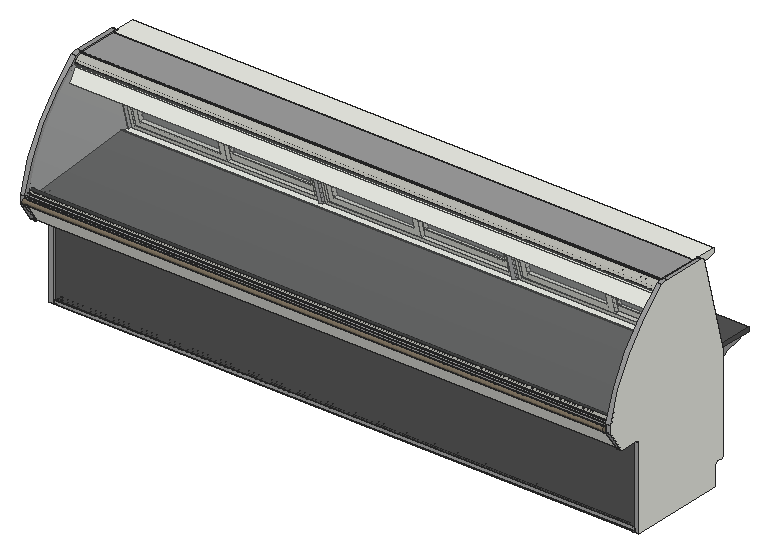
Revit family "CR1-MN_2014", category Specialty Equipment, Revit 2014
Parameters (values of type "12'-0" Length")
  Width = 144"
  Waste Drain = 1 1/2"  # constant formula
  URL = "www.hussmann.com"
  Type Comments = "Chino"  # constant formula
  Trim = Stainless Steel
  Total Weight = Case Weight + (2 * End Weight)  # 0.00 lbf
  Splashguard = Textured Sheet Metal (Steel Painted) - 701 Black
  Side Panel - Right [instance] = yes
  Side Panel - Left [instance] = yes
  Shelves = Sheet Metal (Steel Painted) - 701 Black
  Revit Family Date = "04/20/2016"  # constant formula
  Refrigeration Lines Suction = 5/8"  # constant formula
  Refrigeration Lines Liquid = 3/8"  # constant formula
  Refrig. Suction = "Suction"
  Refrig. Liquid = "Liquid"
  Number of Supports = if(Width < 50", 2, if(Width < 100", 3, 4))  # 4
  Note from Manufacturer = "This model only comes in 4'-0\", 5'-0\", 6'-0\", 8'-0\", 10'-0\" and 12'-0\" lengths."
  Model URL = "http://www.hussmann.com/en/product%20viewer/display-cases/R1-MN,%20CR1-MN,%20R1-FN,%20CR1-FN"
  Model = "CR1-MN"  # constant formula
  Manufacturer Disclaimer = "The information in this file is not intended to be an exact representation of the corresponding Hussmann product.  Further, we reserve the right to change or revise specifications and product design in connection with any feature of our products. Such changes do not entitle the buyer to corresponding changes, improvements, additions, or replacements for equipment previously sold or shipped."  # constant formula
  Manufacturer = "Hussmann Corporation"  # constant formula
  Height = 52 1/4"  # constant formula
  Glazing = Glass
  Ends = Textured Sheet Metal (Steel Painted) - 149 White Satin Matte
  End Weight = 0.00 lbf  # constant formula
  Door Frame = Plastic - 144 Mist Gray
  Description = "Narrow Footprint Service Merchandiser for Fresh Meat - Curved Glass"  # constant formula
  Depth = 35 1/4"  # constant formula
  Cutsheet URL = "http://www.hussmann.com/en/Technical%20Documents/R1-MN,%20R1-FN_ds_En.pdf"
  Close Off Panel = Textured Sheet Metal (Steel Painted) - 701 Black
  Case Weight = if(Width = 48", 0.00 lbf, if(Width = 60", 0.00 lbf, if(Width = 72", 0.00 lbf, if(Width = 96", 0.00 lbf, if(Width = 120", 0.00 lbf, if(Width = 144", 0.00 lbf, 0.00 lbf))))))  # 0.00 lbf
  Case Top Shelf = Stainless Steel
  Case Interior - Side Panel = Stainless Steel
  Case Interior - Back Panel = Stainless Steel
  Case = Textured Sheet Metal (Steel Painted) - 149 White Satin Matte
  Bumper = Extruded PVC - 747 Chocolate Brown
  Assembly Code = ""
  Accessories/Options = ""
  8 Case = Width = 96"  # no
  6 Case = Width = 72"  # no
  5 Case = Width = 60"  # no
  4 Case = Width = 48"  # no
  12 Case = Width = 144"  # yes
  10 Case = Width = 120"  # no
Reference planes (in)
  plane 1 "Back": y = 0
  plane 2 "Bottom": z = 0
  plane 3 "Left": x = -77.30699
  plane 4 "Front": y = -35.25
  plane 5 "Center (Left/Right)": x = -5.30699
  plane 6: x = -78.43199
  plane 7 "Right": x = 66.69301
  plane 8: x = 67.81801
  plane 9: z = 30
  plane 10: z = 52.25
Forms (in)
  Extrusion 1, solid, material "Metal - Copper"
    sketch origin (57.40105, 5, -0.375) x (1, 0, 0) y (0, 1, 0)
      loop
        circle (6.97946, -27.375) r 0.28859
      loop
        circle (6.97946, -27.375) r 0.3125
    from 23.80406 to 0.375
  Extrusion 2, solid, material "Metal - Copper"
    sketch origin (59.82608, 5, -0.375) x (1, 0, 0) y (0, 1, 0)
      loop
        circle (5.05443, -27.375) r 0.17188
      loop
        circle (5.05443, -27.375) r 0.1875
    from 23.80406 to 0.375
  Extrusion 3, solid, material "Metal - Copper"
    sketch origin (-56.6875, 1.04319, 0) x (1, 0, 0) y (0, 1, 0)
      loop
        arc (57.38051, -17.29319) -> (56.85018, -17.51286) -> (56.63051, -18.04319) r 0.75
        arc (56.63051, -18.04319) -> (56.85018, -18.57352) -> (57.38051, -18.79319) r 0.75
        arc (57.38051, -18.79319) -> (57.91084, -18.57352) -> (58.13051, -18.04319) r 0.75
        arc (58.13051, -18.04319) -> (57.91084, -17.51286) -> (57.38051, -17.29319) r 0.75
      loop
        circle (57.38051, -18.04319) r 0.7102
    from 24.99156 to 0
  Extrusion 4, solid, material "Textured Sheet Metal (Steel Painted) - 149 White Satin Matte" <- "Case"
    sketch origin (-77.30699, 0, 0) x (0, 1, 0) y (0, 0, 1)
      loop
        line (-30.84172, 21.06432) -> (-25.27514, 21.06432) -> (-25.27514, 23.42906) -> (-3.34539, 23.42906) -> (-3.34539, 22.16643) -> (-0.27239, 22.16643) -> (-0.27239, 29.18715) -> (-0.98482, 29.18715) -> (-2.04199, 28.90389) -> (-2.11789, 29.18715) -> (-4.09438, 29.18715) -> (-4.09438, 25.60021) -> (-15.01926, 24.99156) -> (-19.01926, 24.99156) -> (-28.82654, 25.61227) -> (-32.00265, 27.446) -> (-32.00265, 28.17431) -> (-32.67958, 28.17431) -> (-33.33884, 27.31514) -> (-34.35313, 27.79886) -> (-34.38004, 27.74244) -> (-34.38004, 26.30682) -> (-30.84172, 21.06432)
      loop
        spline (-18.1628, 46.64674) -> (-18.15841, 46.59034) -> (-18.14922, 46.53453) -> (-18.13529, 46.4797) -> (-18.11673, 46.42626) -> (-18.09367, 46.3746) -> (-18.06629, 46.3251) -> (-18.03477, 46.27812) -> (-17.99936, 46.234) -> (-17.96031, 46.19306) -> (-17.91791, 46.15561) -> (-17.87246, 46.12191) -> (-17.8243, 46.09222)
        line (-17.8243, 46.09222) -> (-15.71859, 44.91503)
        spline (-15.71859, 44.91503) -> (-15.70908, 44.90986) -> (-15.69935, 44.9051) -> (-15.68943, 44.90077) -> (-15.67933, 44.89688) -> (-15.66907, 44.89342) -> (-15.65867, 44.89042) -> (-15.64815, 44.88786) -> (-15.63752, 44.88576) -> (-15.62682, 44.88413) -> (-15.61606, 44.88296) -> (-15.60526, 44.88226) -> (-15.59443, 44.88202)
        line (-15.59443, 44.88202) -> (-12.232, 44.88202)
        spline (-12.232, 44.88202) -> (-12.22654, 44.88196) -> (-12.22109, 44.88179) -> (-12.21565, 44.88149) -> (-12.21021, 44.88107) -> (-12.20479, 44.88054) -> (-12.19937, 44.87989) -> (-12.19398, 44.87912) -> (-12.1886, 44.87823) -> (-12.18324, 44.87722) -> (-12.1779, 44.8761) -> (-12.17259, 44.87487) -> (-12.16731, 44.87351)
        line (-12.16731, 44.87351) -> (-10.33991, 44.38409)
        arc (-10.33991, 44.38409) -> (-10.2034, 44.40208) -> (-10.11957, 44.51132) r 0.17993
        line (-10.11957, 44.51132) -> (-9.78996, 45.74108)
        arc (-9.78996, 45.74108) -> (-9.74827, 45.84171) -> (-9.68194, 45.92812) r 0.41714
        line (-9.68194, 45.92812) -> (-9.37759, 46.23235)
        arc (-9.37759, 46.23235) -> (-9.3379, 46.28405) -> (-9.31295, 46.34427) r 0.24962
        line (-9.31295, 46.34427) -> (-8.76358, 48.39393)
        spline (-8.76358, 48.39393) -> (-8.76334, 48.40743) -> (-8.76128, 48.42076) -> (-8.75745, 48.4337) -> (-8.75191, 48.44601) -> (-8.74476, 48.45745) -> (-8.73614, 48.46784) -> (-8.7262, 48.47696) -> (-8.71512, 48.48467) -> (-8.7031, 48.49081) -> (-8.69037, 48.49528) -> (-8.67715, 48.498) -> (-8.66369, 48.49891)
        line (-8.66369, 48.49891) -> (-8.06626, 48.49891) -> (-8.4241, 49.83433) -> (-6.13545, 49.83433) -> (-5.50393, 50.01575) -> (-5.61131, 50.47827) -> (-5.38564, 50.53874) -> (-5.26398, 50.08468) -> (-1.09423, 51.31845) -> (-1.09423, 52.326) -> (-7.11548, 52.326) -> (-7.11548, 51.90126) -> (-17.01748, 51.90126) -> (-17.01748, 52.27133) -> (-17.11722, 52.27133)
        arc (-17.11722, 52.27133) -> (-17.28659, 52.04813) -> (-17.37339, 51.78172) r 0.84252
        arc (-17.37339, 51.78172) -> (-17.38691, 51.48734) -> (-17.34223, 51.19605) r 1.49024
        arc (-17.34223, 51.19605) -> (-17.18079, 51.10121) -> (-17.01748, 51.19277) r 0.18807
        line (-17.01748, 51.19277) -> (-17.01748, 49.76933) -> (-18.96826, 49.76933) -> (-20.75246, 46.94915) -> (-20.55711, 46.94915) -> (-18.93107, 49.51933) -> (-18.26328, 49.51933) -> (-18.1628, 46.64674)
    from 0 to 144 <- "Width"
  Extrusion 5, solid, material "Textured Sheet Metal (Steel Painted) - 701 Black" <- "Close Off Panel"
    sketch origin (-77.30699, 0, 0) x (0, 1, 0) y (0, 0, 1)
      loop
        line (-24.72206, 22.55058) -> (-25.22206, 22.55058) -> (-25.22206, 0.25) -> (-24.72206, 0.25) -> (-24.72206, 22.55058)
    from 0 to 144 <- "Width"
  Extrusion 6, solid, material "Stainless Steel"
    sketch origin (-77.30699, 0, 0) x (0, 1, 0) y (0, 0, 1)
      loop
        line (-25.36633, 0.092) -> (-25.36633, 1) -> (-25.42833, 1) -> (-25.42833, 0.092)
        arc (-25.42833, 0.092) -> (-25.40138, 0.02695) -> (-25.33633, 0) r 0.092
        line (-25.33633, 0) -> (-24.62706, 0)
        arc (-24.62706, 0) -> (-24.56201, 0.02695) -> (-24.53506, 0.092) r 0.092
        line (-24.53506, 0.092) -> (-24.53506, 0.846)
        arc (-24.53506, 0.846) -> (-24.50343, 0.76963) -> (-24.42706, 0.738) r 0.108
        line (-24.42706, 0.738) -> (-23.70306, 0.738)
        arc (-23.70306, 0.738) -> (-23.68185, 0.72921) -> (-23.67306, 0.708) r 0.03
        line (-23.67306, 0.708) -> (-23.67306, 0.108)
        arc (-23.67306, 0.108) -> (-23.64143, 0.03163) -> (-23.56506, 0) r 0.108
        line (-23.56506, 0) -> (-21.96506, 0)
        arc (-21.96506, 0) -> (-21.8887, 0.03163) -> (-21.85706, 0.108) r 0.108
        line (-21.85706, 0.108) -> (-21.85706, 0.708)
        arc (-21.85706, 0.708) -> (-21.84828, 0.72921) -> (-21.82706, 0.738) r 0.03
        line (-21.82706, 0.738) -> (-21.12106, 0.738) -> (-21.12106, 0.816) -> (-21.82706, 0.816)
        arc (-21.82706, 0.816) -> (-21.90343, 0.78437) -> (-21.93506, 0.708) r 0.108
        line (-21.93506, 0.708) -> (-21.93506, 0.108)
        arc (-21.93506, 0.108) -> (-21.94385, 0.08679) -> (-21.96506, 0.078) r 0.03
        line (-21.96506, 0.078) -> (-22.00606, 0.078) -> (-23.52999, 0.078) -> (-23.56506, 0.078)
        arc (-23.56506, 0.078) -> (-23.58628, 0.08679) -> (-23.59506, 0.108) r 0.03
        line (-23.59506, 0.108) -> (-23.59506, 0.708)
        arc (-23.59506, 0.708) -> (-23.6267, 0.78437) -> (-23.70306, 0.816) r 0.108
        line (-23.70306, 0.816) -> (-24.42706, 0.816)
        arc (-24.42706, 0.816) -> (-24.44828, 0.82479) -> (-24.45706, 0.846) r 0.03
        line (-24.45706, 0.846) -> (-24.45706, 1.614) -> (-24.53506, 1.614) -> (-24.59706, 1.614) -> (-24.59706, 0.092)
        arc (-24.59706, 0.092) -> (-24.60585, 0.07079) -> (-24.62706, 0.062) r 0.03
        line (-24.62706, 0.062) -> (-25.33633, 0.062)
        arc (-25.33633, 0.062) -> (-25.35754, 0.07079) -> (-25.36633, 0.092) r 0.03
      loop
        line (-5.6802, 0.816) -> (-5.6802, 0.738) -> (-4.9742, 0.738)
        arc (-4.9742, 0.738) -> (-4.95298, 0.72921) -> (-4.9442, 0.708) r 0.03
        line (-4.9442, 0.708) -> (-4.9442, 0.108)
        arc (-4.9442, 0.108) -> (-4.91256, 0.03163) -> (-4.8362, 0) r 0.108
        line (-4.8362, 0) -> (-3.2362, 0)
        arc (-3.2362, 0) -> (-3.15983, 0.03163) -> (-3.1282, 0.108) r 0.108
        line (-3.1282, 0.108) -> (-3.1282, 0.708)
        arc (-3.1282, 0.708) -> (-3.11941, 0.72921) -> (-3.0982, 0.738) r 0.03
        line (-3.0982, 0.738) -> (-2.3742, 0.738)
        arc (-2.3742, 0.738) -> (-2.29783, 0.76963) -> (-2.2662, 0.846) r 0.108
        line (-2.2662, 0.846) -> (-2.2662, 1.614) -> (-2.3442, 1.614) -> (-2.3442, 0.816) -> (-3.0982, 0.816)
        arc (-3.0982, 0.816) -> (-3.17456, 0.78437) -> (-3.2062, 0.708) r 0.108
        line (-3.2062, 0.708) -> (-3.2062, 0.078) -> (-4.79099, 0.078) -> (-4.8662, 0.078) -> (-4.8662, 0.708)
        arc (-4.8662, 0.708) -> (-4.89783, 0.78437) -> (-4.9742, 0.816) r 0.108
        line (-4.9742, 0.816) -> (-5.6802, 0.816)
      loop
        arc (-34.34045, 27.83461) -> (-34.40227, 27.82972) -> (-34.43186, 27.77522) r 0.065
        line (-34.43186, 27.77522) -> (-34.43186, 25.97822)
        arc (-34.43186, 25.97822) -> (-34.36686, 25.91322) -> (-34.30186, 25.97822) r 0.065
        line (-34.30186, 25.97822) -> (-34.30186, 26.19099) -> (-34.33686, 26.24285) -> (-34.33686, 25.97822)
        arc (-34.33686, 25.97822) -> (-34.36686, 25.94822) -> (-34.39686, 25.97822) r 0.03
        line (-34.39686, 25.97822) -> (-34.39686, 27.77522)
        arc (-34.39686, 27.77522) -> (-34.38321, 27.80037) -> (-34.35467, 27.80263) r 0.03
        line (-34.35467, 27.80263) -> (-34.13052, 27.70293) -> (-34.1163, 27.73491) -> (-34.34045, 27.83461)
      loop
        line (-31.79517, 28.21086) -> (-31.79517, 27.49715)
        arc (-31.79517, 27.49715) -> (-31.78646, 27.46465) -> (-31.76267, 27.44085) r 0.065
        line (-31.76267, 27.44085) -> (-31.23128, 27.13405) -> (-30.79826, 26.88405) -> (-30.26687, 26.57725) -> (-30.15862, 26.51475) -> (-29.634, 26.21186)
        arc (-29.634, 26.21186) -> (-29.61278, 26.20414) -> (-29.59021, 26.20414) r 0.065
        line (-29.59021, 26.20414) -> (-28.76379, 26.34986)
        arc (-28.76379, 26.34986) -> (-28.74137, 26.34489) -> (-28.72903, 26.32553) r 0.03
        line (-28.72903, 26.32553) -> (-28.63241, 25.77756)
        arc (-28.63241, 25.77756) -> (-28.60568, 25.7356) -> (-28.55711, 25.72483) r 0.065
        line (-28.55711, 25.72483) -> (-27.32912, 25.94136)
        arc (-27.32912, 25.94136) -> (-27.3067, 25.93639) -> (-27.29436, 25.91703) r 0.03
        line (-27.29436, 25.91703) -> (-27.24406, 25.63173)
        arc (-27.24406, 25.63173) -> (-27.22394, 25.59507) -> (-27.18565, 25.57826) r 0.065
        line (-27.18565, 25.57826) -> (-26.73286, 25.53905) -> (-26.72984, 25.57392) -> (-27.18263, 25.61313)
        arc (-27.18263, 25.61313) -> (-27.2003, 25.62089) -> (-27.20959, 25.6378) r 0.03
        line (-27.20959, 25.6378) -> (-27.2599, 25.9231)
        arc (-27.2599, 25.9231) -> (-27.28663, 25.96506) -> (-27.3352, 25.97583) r 0.065
        line (-27.3352, 25.97583) -> (-28.56319, 25.7593)
        arc (-28.56319, 25.7593) -> (-28.58561, 25.76427) -> (-28.59794, 25.78363) r 0.03
        line (-28.59794, 25.78363) -> (-28.69456, 26.33161)
        arc (-28.69456, 26.33161) -> (-28.72129, 26.37356) -> (-28.76986, 26.38433) r 0.065
        line (-28.76986, 26.38433) -> (-29.60704, 26.23671) -> (-30.14112, 26.54506) -> (-30.24937, 26.60756) -> (-30.78076, 26.91436) -> (-31.21378, 27.16436) -> (-31.74517, 27.47117)
        arc (-31.74517, 27.47117) -> (-31.75615, 27.48215) -> (-31.76017, 27.49715) r 0.03
        line (-31.76017, 27.49715) -> (-31.76017, 28.19844)
        arc (-31.76017, 28.19844) -> (-31.76512, 28.22331) -> (-31.77921, 28.2444) r 0.065
        line (-31.77921, 28.2444) -> (-32.2726, 28.73779)
        arc (-32.2726, 28.73779) -> (-32.32282, 28.75669) -> (-32.37014, 28.73139) r 0.065
        line (-32.37014, 28.73139) -> (-33.27593, 27.55053) -> (-33.40384, 27.34976) -> (-33.37432, 27.33095) -> (-33.24642, 27.53172) -> (-32.34237, 28.71009)
        arc (-32.34237, 28.71009) -> (-32.32053, 28.72177) -> (-32.29735, 28.71304) r 0.03
        line (-32.29735, 28.71304) -> (-31.79517, 28.21086)
    from 0 to 144 <- "Width"
  Extrusion 7, solid, material "Extruded PVC - 747 Chocolate Brown" <- "Bumper"
    sketch origin (-77.30699, 0, 0) x (0, 1, 0) y (0, 0, 1)
      loop
        line (-34.43186, 26.32272) -> (-34.43186, 27.44772) -> (-34.74777, 27.44772)
        arc (-34.74777, 27.44772) -> (-35.25, 26.88522) -> (-34.74777, 26.32272) r 0.56612
        line (-34.74777, 26.32272) -> (-34.43186, 26.32272)
    from 0 to 144 <- "Width"
  Extrusion 8, solid, material "Glass" <- "Glazing"
    sketch origin (-77.30699, 0, 0) x (0, 1, 0) y (0, 0, 1)
      loop
        line (-18.61519, 51.13514) -> (-18.46685, 50.94031)
        arc (-18.46685, 50.94031) -> (-27.79303, 40.78575) -> (-33.09855, 28.06002) r 39.83101
        line (-33.09855, 28.06002) -> (-33.34154, 28.1189)
        arc (-33.34154, 28.1189) -> (-28.0023, 40.92252) -> (-18.61829, 51.1392) r 40.08099
    from 0 to 144 <- "Width"
  Extrusion 9, solid, material "Stainless Steel" <- "Case Interior - Back Panel"
    sketch origin (-77.30699, 0, 0) x (0, 1, 0) y (0, 0, 1)
      loop
        line (-0.24906, 7.28528) -> (-15.30136, 7.28528) -> (-15.30136, 23.36643) -> (-15.34936, 23.36643) -> (-15.34936, 7.23728) -> (-0.28406, 7.23728) -> (-0.28406, 5.91743)
        arc (-0.28406, 5.91743) -> (-0.29285, 5.89622) -> (-0.31406, 5.88743) r 0.03
        line (-0.31406, 5.88743) -> (-0.94208, 5.88743)
        arc (-0.94208, 5.88743) -> (-0.96506, 5.89814) -> (-0.97162, 5.92264) r 0.03
        line (-0.97162, 5.92264) -> (-0.93342, 6.1393) -> (-0.96789, 6.14537) -> (-1.00609, 5.92872)
        arc (-1.00609, 5.92872) -> (-0.99187, 5.87565) -> (-0.94208, 5.85243) r 0.065
        line (-0.94208, 5.85243) -> (-0.31406, 5.85243)
        arc (-0.31406, 5.85243) -> (-0.2681, 5.87147) -> (-0.24906, 5.91743) r 0.065
        line (-0.24906, 5.91743) -> (-0.24906, 7.28528)
    from 0 to 144 <- "Width"
  Extrusion 10, solid, material "Stainless Steel"
    sketch origin (-77.30699, 0, 0) x (0, 1, 0) y (0, 0, 1)
      loop
        line (-2.2662, 1.614) -> (-2.2662, 6.49443) -> (-0.34418, 6.49443) -> (-0.40618, 6.55643) -> (-2.33206, 6.55643) -> (-2.33206, 1.614) -> (-2.2662, 1.614)
    from 0 to 144 <- "Width"
  Extrusion 11, solid, material "Plastic - 144 Mist Gray" <- "Door Frame"
    sketch origin (-77.30699, 0, 0) x (0, 1, 0) y (0, 0, 1)
      loop
        line (-33.34254, 28.11914) -> (-33.17323, 28.81792) -> (-33.23346, 28.83251) -> (-33.40278, 28.13373)
        arc (-33.40278, 28.13373) -> (-33.39545, 28.08685) -> (-33.35712, 28.05888) r 0.062
        line (-33.35712, 28.05888) -> (-33.11474, 28.00098)
        arc (-33.11474, 28.00098) -> (-33.06852, 28.00892) -> (-33.04095, 28.04686) r 0.06227
        line (-33.04095, 28.04686) -> (-33.03308, 28.08039)
        arc (-33.03308, 28.08039) -> (-33.005, 28.11833) -> (-32.95835, 28.12552) r 0.062
        line (-32.95835, 28.12552) -> (-32.88542, 28.10785)
        arc (-32.88542, 28.10785) -> (-32.83981, 28.16247) -> (-32.85944, 28.23088) r 0.07595
        line (-32.85944, 28.23088) -> (-32.88364, 28.17272) -> (-33.00279, 28.20157) -> (-32.88553, 28.68589) -> (-32.76412, 28.65647) -> (-32.77957, 28.59114)
        arc (-32.77957, 28.59114) -> (-32.72515, 28.64146) -> (-32.7388, 28.71431) r 0.07661
        line (-32.7388, 28.71431) -> (-32.92204, 28.75758) -> (-33.09148, 28.05831) -> (-33.34254, 28.11914)
      loop
        arc (-17.3582, 52.13261) -> (-18.3946, 51.64754) -> (-19.12489, 50.76658) r 2.61653
        arc (-19.12489, 50.76658) -> (-19.12703, 50.73262) -> (-19.10189, 50.70967) r 0.03937
        line (-19.10189, 50.70967) -> (-19.07411, 50.73126) -> (-19.05356, 50.70482)
        arc (-19.05356, 50.70482) -> (-18.77439, 50.92326) -> (-18.49329, 51.13922) r 40.04601
        line (-18.49329, 51.13922) -> (-18.34186, 50.94031)
        arc (-18.34186, 50.94031) -> (-18.63322, 50.71637) -> (-18.92251, 50.48975) r 39.79601
        line (-18.92251, 50.48975) -> (-18.90055, 50.46779)
        arc (-18.90055, 50.46779) -> (-18.92695, 50.42807) -> (-18.91539, 50.38179) r 0.05905
        line (-18.91539, 50.38179) -> (-18.83148, 50.2738) -> (-18.6916, 50.3825) -> (-18.21513, 49.76933) -> (-17.01748, 49.76933) -> (-17.01748, 50.87058)
        arc (-17.01748, 50.87058) -> (-17.46735, 51.4097) -> (-17.33658, 52.09958) r 0.82186
        arc (-17.33658, 52.09958) -> (-17.33599, 52.12356) -> (-17.3582, 52.13261) r 0.02111
    from 0 to 144 <- "Width"
  Extrusion 12, solid, material "Sheet Metal (Steel Painted) - 701 Black" <- "Shelves"
    sketch origin (-77.30699, 0, 0) x (0, 1, 0) y (0, 0, 1)
      loop
        line (-30.91799, 27.0696) -> (-31.33111, 27.35437)
        arc (-31.33111, 27.35437) -> (-31.40523, 27.33928) -> (-31.38734, 27.26579) r 0.0525
        line (-31.38734, 27.26579) -> (-31.06335, 27.07696) -> (-31.04573, 27.10719) -> (-31.36972, 27.29603)
        arc (-31.36972, 27.29603) -> (-31.37568, 27.32052) -> (-31.35097, 27.32555) r 0.0175
        line (-31.35097, 27.32555) -> (-30.94684, 27.04698)
        arc (-30.94684, 27.04698) -> (-30.92631, 27.03759) -> (-30.90381, 27.03579) r 0.065
        line (-30.90381, 27.03579) -> (-4.64726, 29.53943)
        arc (-4.64726, 29.53943) -> (-4.62831, 29.53486) -> (-4.61616, 29.51961) r 0.03
        line (-4.61616, 29.51961) -> (-4.54023, 29.30609) -> (-4.50726, 29.31781) -> (-4.58319, 29.53134)
        arc (-4.58319, 29.53134) -> (-4.6095, 29.56438) -> (-4.65057, 29.57427) r 0.065
        line (-4.65057, 29.57427) -> (-30.91799, 27.0696)
    from 0 to 144 <- "Width"
  Extrusion 13, solid, material "Textured Sheet Metal (Steel Painted) - 149 White Satin Matte" <- "Ends", visible <- "Side Panel - Left"
    sketch origin (-77.30699, 0, 0) x (0, 1, 0) y (0, 0, 1)
      loop
        arc (0.39527, 29.32126) -> (0.38946, 29.41128) -> (0.37212, 29.4998) r 0.7
        line (0.37212, 29.4998) -> (-5.5455, 51.9335)
        arc (-5.5455, 51.9335) -> (-5.79514, 52.30948) -> (-6.22235, 52.45496) r 0.7
        line (-6.22235, 52.45496) -> (-16.68943, 52.45496)
        arc (-16.68943, 52.45496) -> (-17.57387, 52.35986) -> (-18.41787, 52.07889) r 4.16006
        arc (-18.41787, 52.07889) -> (-28.42939, 41.28794) -> (-34.43186, 27.84751) r 45.08963
        line (-34.43186, 27.84751) -> (-34.43186, 25.90396)
        arc (-34.43186, 25.90396) -> (-34.42039, 25.82911) -> (-34.38703, 25.76112) r 0.25
        line (-34.38703, 25.76112) -> (-31.09677, 21.03518)
        arc (-31.09677, 21.03518) -> (-30.91789, 20.87767) -> (-30.68642, 20.82086) r 0.5
        line (-30.68642, 20.82086) -> (-26.22309, 20.82086)
        arc (-26.22309, 20.82086) -> (-25.72812, 20.61584) -> (-25.52309, 20.12086) r 0.7
        line (-25.52309, 20.12086) -> (-25.52309, 0) -> (-1.99218, 0) -> (-1.99218, 4.74571)
        arc (-1.99218, 4.74571) -> (-1.78716, 5.24069) -> (-1.29218, 5.44571) r 0.7
        line (-1.29218, 5.44571) -> (-0.30473, 5.44571)
        arc (-0.30473, 5.44571) -> (0.19024, 5.65074) -> (0.39527, 6.14571) r 0.7
        line (0.39527, 6.14571) -> (0.39527, 29.32126)
    from 0 to -1.125
  Extrusion 14, solid, material "Textured Sheet Metal (Steel Painted) - 149 White Satin Matte" <- "Ends", visible <- "Side Panel - Right"
    sketch origin (18.69301, 0, 0) x (0, 1, 0) y (0, 0, -1)
      loop
        line (0.39527, -29.32126) -> (0.39527, -6.14571)
        arc (0.39527, -6.14571) -> (0.19024, -5.65074) -> (-0.30473, -5.44571) r 0.7
        line (-0.30473, -5.44571) -> (-1.29218, -5.44571)
        arc (-1.29218, -5.44571) -> (-1.78716, -5.24069) -> (-1.99218, -4.74571) r 0.7
        line (-1.99218, -4.74571) -> (-1.99218, 0) -> (-25.52309, 0) -> (-25.52309, -20.12086)
        arc (-25.52309, -20.12086) -> (-25.72812, -20.61584) -> (-26.22309, -20.82086) r 0.7
        line (-26.22309, -20.82086) -> (-30.68642, -20.82086)
        arc (-30.68642, -20.82086) -> (-30.91789, -20.87767) -> (-31.09677, -21.03518) r 0.5
        line (-31.09677, -21.03518) -> (-34.38703, -25.76112)
        arc (-34.38703, -25.76112) -> (-34.42039, -25.82911) -> (-34.43186, -25.90396) r 0.25
        line (-34.43186, -25.90396) -> (-34.43186, -27.84751)
        arc (-34.43186, -27.84751) -> (-28.42939, -41.28794) -> (-18.41787, -52.07889) r 45.08963
        arc (-18.41787, -52.07889) -> (-17.57387, -52.35986) -> (-16.68943, -52.45496) r 4.16006
        line (-16.68943, -52.45496) -> (-6.22235, -52.45496)
        arc (-6.22235, -52.45496) -> (-5.79514, -52.30948) -> (-5.5455, -51.9335) r 0.7
        line (-5.5455, -51.9335) -> (0.37212, -29.4998)
        arc (0.37212, -29.4998) -> (0.38946, -29.41128) -> (0.39527, -29.32126) r 0.7
    from -48 to -49.125
  Extrusion 15, solid, material "Stainless Steel" <- "Case Top Shelf"
    sketch origin (-77.30699, 0.16711, 0) x (0, 1, 0) y (0, 0, 1)
      loop
        line (-7.28259, 51.90126) -> (-7.28259, 52.233)
        arc (-7.28259, 52.233) -> (-7.30983, 52.29876) -> (-7.37559, 52.326) r 0.093
        line (-7.37559, 52.326) -> (-17.09159, 52.326)
        arc (-17.09159, 52.326) -> (-17.15735, 52.29876) -> (-17.18459, 52.233) r 0.093
        line (-17.18459, 52.233) -> (-17.18459, 51.90126) -> (-7.28259, 51.90126)
    from 0 to 144 <- "Width"
  Extrusion 16, solid, material "Stainless Steel" <- "Case Interior - Back Panel", visible <- "12 Case"
    sketch origin (-77.30699, 0, 0) x (0, 1, 0) y (0, 0, 1)
      loop
        line (-2.77626, 29.18715) -> (-0.03157, 29.18715) -> (-5.56377, 49.83433) -> (-8.30865, 49.83433) -> (-2.77626, 29.18715)
    from 0 to 0.5
  Extrusion 17, solid, material "Stainless Steel" <- "Case Interior - Back Panel", visible <- "12 Case"
    sketch origin (-77.30699, 0, 0) x (0, 1, 0) y (0, 0, 1)
      loop
        line (-2.77626, 29.18715) -> (-0.03157, 29.18715) -> (-5.56377, 49.83433) -> (-8.30865, 49.83433) -> (-2.77626, 29.18715)
    from 47.5 to 48.5
  Extrusion 18, solid, material "Stainless Steel" <- "Case Interior - Back Panel", visible <- "12 Case"
    sketch origin (-77.30699, 0, 0) x (0, 1, 0) y (0, 0, 1)
      loop
        line (-2.77626, 29.18715) -> (-0.03157, 29.18715) -> (-5.56377, 49.83433) -> (-8.30865, 49.83433) -> (-2.77626, 29.18715)
    from 95.5 to 96.5
  Extrusion 19, solid, material "Stainless Steel" <- "Case Interior - Back Panel", visible <- "12 Case"
    sketch origin (-77.30699, 0, 0) x (0, 1, 0) y (0, 0, 1)
      loop
        line (-2.77626, 29.18715) -> (-0.03157, 29.18715) -> (-5.56377, 49.83433) -> (-8.30865, 49.83433) -> (-2.77626, 29.18715)
    from 143.5 to 144
  Extrusion 20, solid, material "Stainless Steel" <- "Case Interior - Back Panel", visible <- "12 Case", not visible
    sketch origin (-77.30699, 0, 0) x (0, 1, 0) y (0, 0, 1)
      loop
        line (-2.77626, 29.18715) -> (-0.03157, 29.18715) -> (-5.56377, 49.83433) -> (-8.30865, 49.83433) -> (-2.77626, 29.18715)
    from 0 to 0.5
  Extrusion 21, solid, material "Stainless Steel" <- "Case Interior - Back Panel", visible <- "12 Case", not visible
    sketch origin (-77.30699, 0, 0) x (0, 1, 0) y (0, 0, 1)
      loop
        line (-2.77626, 29.18715) -> (-0.03157, 29.18715) -> (-5.56377, 49.83433) -> (-8.30865, 49.83433) -> (-2.77626, 29.18715)
    from 47.5 to 48.5
  Extrusion 22, solid, material "Stainless Steel" <- "Case Interior - Back Panel", visible <- "12 Case", not visible
    sketch origin (-77.30699, 0, 0) x (0, 1, 0) y (0, 0, 1)
      loop
        line (-2.77626, 29.18715) -> (-0.03157, 29.18715) -> (-5.56377, 49.83433) -> (-8.30865, 49.83433) -> (-2.77626, 29.18715)
    from 95.5 to 96.5
  Extrusion 23, solid, material "Stainless Steel" <- "Case Interior - Back Panel", visible <- "12 Case", not visible
    sketch origin (-77.30699, 0, 0) x (0, 1, 0) y (0, 0, 1)
      loop
        line (-2.77626, 29.18715) -> (-0.03157, 29.18715) -> (-5.56377, 49.83433) -> (-8.30865, 49.83433) -> (-2.77626, 29.18715)
    from 143.5 to 144
  Extrusion 24, solid, material "Stainless Steel" <- "Case Interior - Back Panel", visible <- "10 Case"
    sketch origin (-77.30699, 0, 0) x (0, 1, 0) y (0, 0, 1)
      loop
        line (-2.77626, 29.18715) -> (-0.03157, 29.18715) -> (-5.56377, 49.83433) -> (-8.30865, 49.83433) -> (-2.77626, 29.18715)
    from 0 to 0.5
  Extrusion 25, solid, material "Stainless Steel" <- "Case Interior - Back Panel", visible <- "10 Case"
    sketch origin (-77.30699, 0, 0) x (0, 1, 0) y (0, 0, 1)
      loop
        line (-2.77626, 29.18715) -> (-0.03157, 29.18715) -> (-5.56377, 49.83433) -> (-8.30865, 49.83433) -> (-2.77626, 29.18715)
    from 59.5 to 60.5
  Extrusion 26, solid, material "Stainless Steel" <- "Case Interior - Back Panel", visible <- "10 Case"
    sketch origin (-77.30699, 0, 0) x (0, 1, 0) y (0, 0, 1)
      loop
        line (-2.77626, 29.18715) -> (-0.03157, 29.18715) -> (-5.56377, 49.83433) -> (-8.30865, 49.83433) -> (-2.77626, 29.18715)
    from 119.5 to 120
  Extrusion 27, solid, material "Stainless Steel" <- "Case Interior - Back Panel", visible <- "10 Case", not visible
    sketch origin (-77.30699, 0, 0) x (0, 1, 0) y (0, 0, 1)
      loop
        line (-2.77626, 29.18715) -> (-0.03157, 29.18715) -> (-5.56377, 49.83433) -> (-8.30865, 49.83433) -> (-2.77626, 29.18715)
    from 0 to 0.5
  Extrusion 28, solid, material "Stainless Steel" <- "Case Interior - Back Panel", visible <- "10 Case", not visible
    sketch origin (-77.30699, 0, 0) x (0, 1, 0) y (0, 0, 1)
      loop
        line (-2.77626, 29.18715) -> (-0.03157, 29.18715) -> (-5.56377, 49.83433) -> (-8.30865, 49.83433) -> (-2.77626, 29.18715)
    from 59.5 to 60.5
  Extrusion 29, solid, material "Stainless Steel" <- "Case Interior - Back Panel", visible <- "10 Case", not visible
    sketch origin (-77.30699, 0, 0) x (0, 1, 0) y (0, 0, 1)
      loop
        line (-2.77626, 29.18715) -> (-0.03157, 29.18715) -> (-5.56377, 49.83433) -> (-8.30865, 49.83433) -> (-2.77626, 29.18715)
    from 119.5 to 120
  Extrusion 30, solid, material "Stainless Steel" <- "Case Interior - Back Panel", visible <- "8 Case"
    sketch origin (-77.30699, 0, 0) x (0, 1, 0) y (0, 0, 1)
      loop
        line (-2.77626, 29.18715) -> (-0.03157, 29.18715) -> (-5.56377, 49.83433) -> (-8.30865, 49.83433) -> (-2.77626, 29.18715)
    from 0 to 0.5
  Extrusion 31, solid, material "Stainless Steel" <- "Case Interior - Back Panel", visible <- "8 Case"
    sketch origin (-77.30699, 0, 0) x (0, 1, 0) y (0, 0, 1)
      loop
        line (-2.77626, 29.18715) -> (-0.03157, 29.18715) -> (-5.56377, 49.83433) -> (-8.30865, 49.83433) -> (-2.77626, 29.18715)
    from 47.5 to 48.5
  Extrusion 32, solid, material "Stainless Steel" <- "Case Interior - Back Panel", visible <- "8 Case"
    sketch origin (-77.30699, 0, 0) x (0, 1, 0) y (0, 0, 1)
      loop
        line (-2.77626, 29.18715) -> (-0.03157, 29.18715) -> (-5.56377, 49.83433) -> (-8.30865, 49.83433) -> (-2.77626, 29.18715)
    from 95.5 to 96
  Extrusion 33, solid, material "Stainless Steel" <- "Case Interior - Back Panel", visible <- "8 Case", not visible
    sketch origin (-77.30699, 0, 0) x (0, 1, 0) y (0, 0, 1)
      loop
        line (-2.77626, 29.18715) -> (-0.03157, 29.18715) -> (-5.56377, 49.83433) -> (-8.30865, 49.83433) -> (-2.77626, 29.18715)
    from 0 to 0.5
  Extrusion 34, solid, material "Stainless Steel" <- "Case Interior - Back Panel", visible <- "8 Case", not visible
    sketch origin (-77.30699, 0, 0) x (0, 1, 0) y (0, 0, 1)
      loop
        line (-2.77626, 29.18715) -> (-0.03157, 29.18715) -> (-5.56377, 49.83433) -> (-8.30865, 49.83433) -> (-2.77626, 29.18715)
    from 47.5 to 48.5
  Extrusion 35, solid, material "Stainless Steel" <- "Case Interior - Back Panel", visible <- "8 Case", not visible
    sketch origin (-77.30699, 0, 0) x (0, 1, 0) y (0, 0, 1)
      loop
        line (-2.77626, 29.18715) -> (-0.03157, 29.18715) -> (-5.56377, 49.83433) -> (-8.30865, 49.83433) -> (-2.77626, 29.18715)
    from 95.5 to 96
  Extrusion 36, solid, material "Stainless Steel" <- "Case Interior - Back Panel", visible <- "6 Case"
    sketch origin (-77.30699, 0, 0) x (0, 1, 0) y (0, 0, 1)
      loop
        line (-2.77626, 29.18715) -> (-0.03157, 29.18715) -> (-5.56377, 49.83433) -> (-8.30865, 49.83433) -> (-2.77626, 29.18715)
    from 0 to 0.5
  Extrusion 37, solid, material "Stainless Steel" <- "Case Interior - Back Panel", visible <- "6 Case"
    sketch origin (-77.30699, 0, 0) x (0, 1, 0) y (0, 0, 1)
      loop
        line (-2.77626, 29.18715) -> (-0.03157, 29.18715) -> (-5.56377, 49.83433) -> (-8.30865, 49.83433) -> (-2.77626, 29.18715)
    from 71.5 to 72
  Extrusion 38, solid, material "Stainless Steel" <- "Case Interior - Back Panel", visible <- "6 Case", not visible
    sketch origin (-77.30699, 0, 0) x (0, 1, 0) y (0, 0, 1)
      loop
        line (-2.77626, 29.18715) -> (-0.03157, 29.18715) -> (-5.56377, 49.83433) -> (-8.30865, 49.83433) -> (-2.77626, 29.18715)
    from 0 to 0.5
  Extrusion 39, solid, material "Stainless Steel" <- "Case Interior - Back Panel", visible <- "6 Case", not visible
    sketch origin (-77.30699, 0, 0) x (0, 1, 0) y (0, 0, 1)
      loop
        line (-2.77626, 29.18715) -> (-0.03157, 29.18715) -> (-5.56377, 49.83433) -> (-8.30865, 49.83433) -> (-2.77626, 29.18715)
    from 71.5 to 72
  Extrusion 40, solid, material "Stainless Steel" <- "Case Interior - Back Panel", visible <- "5 Case"
    sketch origin (-77.30699, 0, 0) x (0, 1, 0) y (0, 0, 1)
      loop
        line (-2.77626, 29.18715) -> (-0.03157, 29.18715) -> (-5.56377, 49.83433) -> (-8.30865, 49.83433) -> (-2.77626, 29.18715)
    from 0 to 0.5
  Extrusion 41, solid, material "Stainless Steel" <- "Case Interior - Back Panel", visible <- "5 Case"
    sketch origin (-77.30699, 0, 0) x (0, 1, 0) y (0, 0, 1)
      loop
        line (-2.77626, 29.18715) -> (-0.03157, 29.18715) -> (-5.56377, 49.83433) -> (-8.30865, 49.83433) -> (-2.77626, 29.18715)
    from 59.5 to 60
  Extrusion 42, solid, material "Stainless Steel" <- "Case Interior - Back Panel", visible <- "5 Case", not visible
    sketch origin (-77.30699, 0, 0) x (0, 1, 0) y (0, 0, 1)
      loop
        line (-2.77626, 29.18715) -> (-0.03157, 29.18715) -> (-5.56377, 49.83433) -> (-8.30865, 49.83433) -> (-2.77626, 29.18715)
    from 0 to 0.5
  Extrusion 43, solid, material "Stainless Steel" <- "Case Interior - Back Panel", visible <- "5 Case", not visible
    sketch origin (-77.30699, 0, 0) x (0, 1, 0) y (0, 0, 1)
      loop
        line (-2.77626, 29.18715) -> (-0.03157, 29.18715) -> (-5.56377, 49.83433) -> (-8.30865, 49.83433) -> (-2.77626, 29.18715)
    from 59.5 to 60
  Extrusion 44, solid, material "Stainless Steel" <- "Case Interior - Back Panel", visible <- "4 Case"
    sketch origin (-77.30699, 0, 0) x (0, 1, 0) y (0, 0, 1)
      loop
        line (-2.77626, 29.18715) -> (-0.03157, 29.18715) -> (-5.56377, 49.83433) -> (-8.30865, 49.83433) -> (-2.77626, 29.18715)
    from 0 to 0.5
  Extrusion 45, solid, material "Stainless Steel" <- "Case Interior - Back Panel", visible <- "4 Case"
    sketch origin (-77.30699, 0, 0) x (0, 1, 0) y (0, 0, 1)
      loop
        line (-2.77626, 29.18715) -> (-0.03157, 29.18715) -> (-5.56377, 49.83433) -> (-8.30865, 49.83433) -> (-2.77626, 29.18715)
    from 47.5 to 48
  Extrusion 46, solid, material "Stainless Steel" <- "Case Interior - Back Panel", visible <- "4 Case", not visible
    sketch origin (-77.30699, 0, 0) x (0, 1, 0) y (0, 0, 1)
      loop
        line (-2.77626, 29.18715) -> (-0.03157, 29.18715) -> (-5.56377, 49.83433) -> (-8.30865, 49.83433) -> (-2.77626, 29.18715)
    from 0 to 0.5
  Extrusion 47, solid, material "Stainless Steel" <- "Case Interior - Back Panel", visible <- "4 Case", not visible
    sketch origin (-77.30699, 0, 0) x (0, 1, 0) y (0, 0, 1)
      loop
        line (-2.77626, 29.18715) -> (-0.03157, 29.18715) -> (-5.56377, 49.83433) -> (-8.30865, 49.83433) -> (-2.77626, 29.18715)
    from 47.5 to 48
Lines and regions (in)
  reference lines
    curve 1: line (0.69301, -35.25, 0) -> (0.69301, 0, 0)
    curve 2: line (64.69301, -35.25, 0) -> (64.69301, 0, 0)
    curve 3: line (-77.30699, -17, 0) -> (66.69301, -17, 0)
    curve 4: line (66.69301, -22.375, 0) -> (-77.30699, -22.375, 0)
    curve 5: line (-75.30699, 3.1829, 0) -> (-75.30699, -42.6921, 0)
Dimensions and locks (in)
  equal spacing: plane 3 "Left", plane 5 "Center (Left/Right)", plane 7 "Right"
  locked: plane 6 to plane 3 "Left" at 1.125
  "Width": plane 3 "Left" to plane 7 "Right"
  locked: plane 5 "Center (Left/Right)" to curve 1 at 6
  "Depth": plane 4 "Front" to plane 1 "Back"
  curve 2 to plane 7 "Right" = 2"
  locked: plane 1 "Back" to curve 3 at 17
  locked: plane 1 "Back" to curve 4 at 22.375
  plane 7 "Right" to plane 8 = 1 1/8"
  locked: Extrusion 3 sketch curve to Extrusion 3 sketch curve at 0.0398
  locked: Extrusion 2 sketch curve to Extrusion 2 sketch curve at 0.01562
  locked: Extrusion 1 sketch curve to Extrusion 1 sketch curve at 0.02391
  "Height": plane 10 to level
  plane 3 "Left" to curve 5 = 2"
  equal spacing: group 1, group 15, group 16, group 2  (x3)
  "Waste Drain": diameter of Extrusion 3 sketch curve
  "Refrigeration Lines Liquid": diameter of Extrusion 2 sketch curve
  "Refrigeration Lines Suction": diameter of Extrusion 1 sketch curve
  aligned and locked: plane 4 "Front" to curve 1
  aligned and locked: plane 3 "Left" to curve 3
  aligned and locked: plane 3 "Left" to curve 4
  aligned and locked: plane 7 "Right" to curve 4
  aligned and locked: plane 7 "Right" to curve 3
  aligned and locked: Extrusion 1 to level
  aligned and locked: Extrusion 2 to level
  aligned and locked: curve 4 to Extrusion 2 sketch curve  (x4)
  aligned and locked: curve 4 to Extrusion 1 sketch curve  (x4)
  aligned and locked: curve 3 to Extrusion 3 sketch curve
  aligned and locked: curve 1 to Extrusion 3 sketch curve
  aligned and locked: curve 2 to Extrusion 2 sketch curve
  aligned and locked: curve 2 to Extrusion 1 sketch curve
  aligned and locked: curve 5 to nested 1
  aligned and locked: curve 2 to nested 2
  aligned and locked: plane 3 "Left" to nested 4
  aligned and locked: nested 4 to Extrusion 4
  aligned and locked: plane 3 "Left" to nested 24
  aligned and locked: Extrusion 4 to nested 25
  aligned and locked: plane 3 "Left" to nested 25
  aligned and locked: plane 3 "Left" to Extrusion 13
  aligned and locked: plane 6 to Extrusion 13
  aligned and locked: Extrusion 14 to plane 7 "Right"
  aligned and locked: plane 8 to Extrusion 14
  aligned and locked: Extrusion 3 to level
  aligned and locked: Extrusion 1 to Extrusion 2
  aligned and locked: Extrusion 1 to Extrusion 4
  aligned and locked: Extrusion 15 to plane 3 "Left"
Automatic sketch dimensions
  curve 2 to plane 4 "Front" = 0"
  plane 1 "Back" to curve 1 = 0"
  plane 1 "Back" to curve 2 = 0"
  curve 5 to plane 4 "Front" = 7.4421"
  curve 5 to plane 1 "Back" = 3.1829"
  plane 4 "Front" to Extrusion 4 sketch curve = 0.86996"
  Extrusion 4 sketch curve to Extrusion 4 sketch curve = 0.0269"
  Extrusion 4 sketch curve to Extrusion 4 sketch curve = 1.01429"
  Extrusion 4 sketch curve to Extrusion 4 sketch curve = 0.65926"
  Extrusion 4 sketch curve to Extrusion 4 sketch curve = 0.67693"
  plane 4 "Front" to Extrusion 4 sketch curve = 4.40828"
  Extrusion 4 sketch curve to Extrusion 4 sketch curve = 3.17611"
  Extrusion 4 sketch curve to Extrusion 4 sketch curve = 3.5514"
  Extrusion 4 sketch curve to plane 10 = 5.30085"
  plane 4 "Front" to Extrusion 4 sketch curve = 14.49754"
  Extrusion 4 sketch curve to Extrusion 4 sketch curve = 0.19535"
  Extrusion 4 sketch curve to plane 9 = 5.00844"
  Extrusion 4 sketch curve to Extrusion 4 sketch curve = 6.25588"
  Extrusion 4 sketch curve to plane 10 = 2.48067"
  Extrusion 4 sketch curve to Extrusion 4 sketch curve = 1.58884"
  Extrusion 4 sketch curve to plane 10 = 2.73067"
  Extrusion 4 sketch curve to Extrusion 4 sketch curve = 0.03719"
  Extrusion 4 sketch curve to Extrusion 4 sketch curve = 0.66779"
  Extrusion 4 sketch curve to plane 10 = 5.60326"
  Extrusion 4 sketch curve to Extrusion 4 sketch curve = 2.3943"
  Extrusion 4 sketch curve to plane 10 = 6.15778"
  Extrusion 4 sketch curve to Extrusion 4 sketch curve = 0.3385"
  Extrusion 4 sketch curve to plane 10 = 0.96073"
  Extrusion 4 sketch curve to Extrusion 4 sketch curve = 1.08439"
  plane 10 to Extrusion 4 sketch curve = 0.02133"
  Extrusion 4 sketch curve to Extrusion 4 sketch curve = 0.06167"
  Extrusion 4 sketch curve to Extrusion 4 sketch curve = 0.09975"
  Extrusion 4 sketch curve to plane 10 = 1.05723"
  Extrusion 4 sketch curve to Extrusion 4 sketch curve = 0.16142"
  Extrusion 4 sketch curve to Extrusion 4 sketch curve = 1.24581"
  Extrusion 4 sketch curve to Extrusion 4 sketch curve = 0.4774"
  Extrusion 4 sketch curve to Extrusion 4 sketch curve = 0.6413"
  Extrusion 4 sketch curve to Extrusion 4 sketch curve = 2.10571"
  Extrusion 4 sketch curve to Extrusion 4 sketch curve = 0.12416"
  Extrusion 4 sketch curve to Extrusion 4 sketch curve = 4"
  Extrusion 4 sketch curve to Extrusion 4 sketch curve = 3.36243"
  Extrusion 4 sketch curve to Extrusion 4 sketch curve = 0.06468"
  Extrusion 4 sketch curve to Extrusion 4 sketch curve = 1.8274"
  Extrusion 4 sketch curve to Extrusion 4 sketch curve = 0.04655"
  Extrusion 4 sketch curve to Extrusion 4 sketch curve = 0.17379"
  Extrusion 4 sketch curve to plane 10 = 6.50892"
  Extrusion 4 sketch curve to Extrusion 4 sketch curve = 0.32961"
  Extrusion 4 sketch curve to plane 10 = 6.32188"
  Extrusion 4 sketch curve to Extrusion 4 sketch curve = 0.10802"
  Extrusion 4 sketch curve to Extrusion 4 sketch curve = 0.12788"
  Extrusion 4 sketch curve to Extrusion 4 sketch curve = 0.2949"
  Extrusion 4 sketch curve to plane 10 = 6.01765"
  Extrusion 4 sketch curve to Extrusion 4 sketch curve = 0.17647"
  Extrusion 4 sketch curve to plane 10 = 5.90573"
  Extrusion 4 sketch curve to Extrusion 4 sketch curve = 0.06464"
  Extrusion 4 sketch curve to plane 10 = 3.85607"
  Extrusion 4 sketch curve to Extrusion 4 sketch curve = 0.54937"
  Extrusion 4 sketch curve to Extrusion 4 sketch curve = 0.09989"
  Extrusion 4 sketch curve to plane 10 = 2.41567"
  Extrusion 4 sketch curve to Extrusion 4 sketch curve = 0.23959"
  Extrusion 4 sketch curve to plane 10 = 3.75109"
  Extrusion 4 sketch curve to Extrusion 4 sketch curve = 0.59742"
  plane 10 to Extrusion 4 sketch curve = 0.076"
  Extrusion 4 sketch curve to Extrusion 4 sketch curve = 1.30862"
  Extrusion 4 sketch curve to Extrusion 4 sketch curve = 0.98002"
  Extrusion 4 sketch curve to plane 10 = 1.77173"
  Extrusion 4 sketch curve to Extrusion 4 sketch curve = 0.52414"
  Extrusion 4 sketch curve to plane 10 = 2.23425"
  Extrusion 4 sketch curve to Extrusion 4 sketch curve = 0.10738"
  Extrusion 4 sketch curve to plane 10 = 1.71126"
  Extrusion 4 sketch curve to Extrusion 4 sketch curve = 0.22567"
  Extrusion 4 sketch curve to plane 10 = 2.16532"
  plane 1 "Back" to Extrusion 4 sketch curve = 4.09438"
  Extrusion 4 sketch curve to Extrusion 4 sketch curve = 0.74899"
  Extrusion 4 sketch curve to plane 9 = 0.81285"  (x2)
  Extrusion 4 sketch curve to Extrusion 4 sketch curve = 1.97649"
  Extrusion 4 sketch curve to plane 9 = 1.09611"
  Extrusion 4 sketch curve to Extrusion 4 sketch curve = 0.0759"
  plane 1 "Back" to Extrusion 4 sketch curve = 1.09423"
  plane 1 "Back" to Extrusion 4 sketch curve = 0.27239"
  Extrusion 4 sketch curve to Extrusion 4 sketch curve = 1 9/16"
  Extrusion 4 sketch curve to Extrusion 4 sketch curve = 1.26264"
  Extrusion 4 sketch curve to Extrusion 4 sketch curve = 2.36474"
  Extrusion 4 sketch curve to Extrusion 4 sketch curve = 2.17114"
  Extrusion 4 sketch curve to Extrusion 4 sketch curve = 2.18321"
  Extrusion 4 sketch curve to plane 9 = 3.69318"
  Extrusion 4 sketch curve to Extrusion 4 sketch curve = 1.00832"
  Extrusion 4 sketch curve to Extrusion 4 sketch curve = 0.13086"
  Extrusion 4 sketch curve to Extrusion 4 sketch curve = 0.4273"
  Extrusion 4 sketch curve to Extrusion 4 sketch curve = 0.72831"
  Extrusion 4 sketch curve to Extrusion 4 sketch curve = 1.35699"
  Extrusion 4 sketch curve to Extrusion 4 sketch curve = 0.12722"
  Extrusion 4 sketch curve to Extrusion 4 sketch curve = 0.48942"
  Extrusion 4 sketch curve to Extrusion 4 sketch curve = 1.2102"
  Extrusion 4 sketch curve to Extrusion 4 sketch curve = 0.00851"
  Extrusion 4 sketch curve to Extrusion 4 sketch curve = 0.03301"
  Extrusion 4 sketch curve to plane 10 = 0.93155"
  Extrusion 4 sketch curve to plane 10 = 0.68348"
  Extrusion 4 sketch curve to plane 10 = 0.59246"
  Extrusion 4 sketch curve to plane 10 = 0.34874"
  Extrusion 4 sketch curve to Extrusion 4 sketch curve = 0.00054"
  Extrusion 4 sketch curve to Extrusion 4 sketch curve = 0.32309"
  Extrusion 4 sketch curve to Extrusion 4 sketch curve = 0.35592"
  Extrusion 4 sketch curve to Extrusion 4 sketch curve = 0.1214"
  Extrusion 4 sketch curve to Extrusion 4 sketch curve = 0"  (x3)
  Extrusion 4 sketch curve to Extrusion 4 sketch curve = 0.24952"
  Extrusion 4 sketch curve to Extrusion 4 sketch curve = 0.07802"
  plane 4 "Front" to Extrusion 5 sketch curve = 10.02794"
  Extrusion 5 sketch curve to Extrusion 5 sketch curve = 1/2"
  level to Extrusion 5 sketch curve = 1/4"
  Extrusion 5 sketch curve to plane 9 = 7.44942"
  Extrusion 6 sketch curve to Extrusion 6 sketch curve = 0"  (x34)
  Extrusion 6 sketch curve to level = 0"  (x3)
  plane 4 "Front" to Extrusion 6 sketch curve = 0.81814"
  Extrusion 6 sketch curve to Extrusion 6 sketch curve = 0.035"  (x2)
  Extrusion 6 sketch curve to Extrusion 6 sketch curve = 0.03"  (x14)
  Extrusion 6 sketch curve to Extrusion 6 sketch curve = 0.01219"
  Extrusion 6 sketch curve to Extrusion 6 sketch curve = 0.01422"  (x2)
  Extrusion 6 sketch curve to Extrusion 6 sketch curve = 0.22415"
  Extrusion 6 sketch curve to Extrusion 6 sketch curve = 0.72668"
  Extrusion 6 sketch curve to Extrusion 6 sketch curve = 0.02952"  (x2)
  Extrusion 6 sketch curve to Extrusion 6 sketch curve = 0.12791"
  Extrusion 6 sketch curve to Extrusion 6 sketch curve = 0.87628"
  Extrusion 6 sketch curve to plane 9 = 1.28991"
  Extrusion 6 sketch curve to Extrusion 6 sketch curve = 0.02777"
  Extrusion 6 sketch curve to Extrusion 6 sketch curve = 0.0238"
  Extrusion 6 sketch curve to plane 9 = 1.28696"
  Extrusion 6 sketch curve to Extrusion 6 sketch curve = 0.02121"
  Extrusion 6 sketch curve to plane 9 = 1.26221"
  Extrusion 6 sketch curve to Extrusion 6 sketch curve = 0.02475"
  Extrusion 6 sketch curve to Extrusion 6 sketch curve = 0.49339"
  Extrusion 6 sketch curve to plane 9 = 1.7556"
  Extrusion 6 sketch curve to Extrusion 6 sketch curve = 0.01596"
  Extrusion 6 sketch curve to plane 9 = 2.55915"
  Extrusion 6 sketch curve to Extrusion 6 sketch curve = 0.0325"
  Extrusion 6 sketch curve to plane 9 = 2.52883"
  Extrusion 6 sketch curve to Extrusion 6 sketch curve = 0.53139"  (x2)
  Extrusion 6 sketch curve to Extrusion 6 sketch curve = 0.0175"  (x4)
  Extrusion 6 sketch curve to Extrusion 6 sketch curve = 0.43301"
  Extrusion 6 sketch curve to Extrusion 6 sketch curve = 0.10825"
  Extrusion 6 sketch curve to Extrusion 6 sketch curve = 0.52462"
  Extrusion 6 sketch curve to Extrusion 6 sketch curve = 0.02696"
  Extrusion 6 sketch curve to Extrusion 6 sketch curve = 0.00554"
  Extrusion 6 sketch curve to Extrusion 6 sketch curve = 0.01683"
  Extrusion 6 sketch curve to Extrusion 6 sketch curve = 0.83163"
  Extrusion 6 sketch curve to Extrusion 6 sketch curve = 0.00608"  (x3)
  Extrusion 6 sketch curve to Extrusion 6 sketch curve = 0.00521"  (x5)
  Extrusion 6 sketch curve to plane 9 = 3.67447"
  Extrusion 6 sketch curve to Extrusion 6 sketch curve = 0.02954"  (x3)
  Extrusion 6 sketch curve to plane 9 = 3.66839"
  Extrusion 6 sketch curve to Extrusion 6 sketch curve = 0.03447"  (x5)
  Extrusion 6 sketch curve to Extrusion 6 sketch curve = 0.09662"
  Extrusion 6 sketch curve to plane 9 = 4.2407"
  Extrusion 6 sketch curve to Extrusion 6 sketch curve = 1.22799"
  Extrusion 6 sketch curve to plane 9 = 4.08297"
  Extrusion 6 sketch curve to plane 9 = 4.0769"
  Extrusion 6 sketch curve to Extrusion 6 sketch curve = 0.05031"
  Extrusion 6 sketch curve to plane 9 = 4.3622"
  Extrusion 6 sketch curve to plane 9 = 4.42174"
  Extrusion 6 sketch curve to Extrusion 6 sketch curve = 0.02394"
  Extrusion 6 sketch curve to plane 9 = 4.38687"
  Extrusion 6 sketch curve to Extrusion 6 sketch curve = 0.00302"
  Extrusion 6 sketch curve to Extrusion 6 sketch curve = 0.00259"
  Extrusion 6 sketch curve to Extrusion 6 sketch curve = 0.45279"
  Extrusion 6 sketch curve to plane 9 = 4.42608"
  level to Extrusion 6 sketch curve = 0.092"
  plane 4 "Front" to Extrusion 6 sketch curve = 9.82167"
  Extrusion 6 sketch curve to Extrusion 6 sketch curve = 0.062"  (x2)
  Extrusion 6 sketch curve to Extrusion 6 sketch curve = 0.70926"
  Extrusion 6 sketch curve to Extrusion 6 sketch curve = 0.76926"
  Extrusion 6 sketch curve to Extrusion 6 sketch curve = 0.078"  (x4)
  Extrusion 6 sketch curve to Extrusion 6 sketch curve = 0.724"  (x2)
  Extrusion 6 sketch curve to Extrusion 6 sketch curve = 0.03508"
  Extrusion 6 sketch curve to Extrusion 6 sketch curve = 1.52392"
  Extrusion 6 sketch curve to Extrusion 6 sketch curve = 0.041"
  Extrusion 6 sketch curve to Extrusion 6 sketch curve = 0.706"  (x2)
  level to Extrusion 6 sketch curve = 0.738"
  plane 1 "Back" to Extrusion 6 sketch curve = 5.6802"
  Extrusion 6 sketch curve to Extrusion 6 sketch curve = 0.04521"
  level to Extrusion 6 sketch curve = 0.108"
  Extrusion 6 sketch curve to Extrusion 6 sketch curve = 1.55479"
  Extrusion 6 sketch curve to Extrusion 6 sketch curve = 0.6"  (x3)
  Extrusion 6 sketch curve to Extrusion 6 sketch curve = 0.154"
  Extrusion 6 sketch curve to Extrusion 6 sketch curve = 0.768"  (x2)
  Extrusion 6 sketch curve to Extrusion 6 sketch curve = 0.01826"
  Extrusion 6 sketch curve to Extrusion 6 sketch curve = 1.51893"
  Extrusion 6 sketch curve to Extrusion 6 sketch curve = 0.21277"
  Extrusion 6 sketch curve to Extrusion 6 sketch curve = 0.12139"
  Extrusion 6 sketch curve to Extrusion 6 sketch curve = 0.00772"
  Extrusion 6 sketch curve to Extrusion 6 sketch curve = 0.03144"
  Extrusion 6 sketch curve to Extrusion 6 sketch curve = 0.05186"
  Extrusion 6 sketch curve to Extrusion 6 sketch curve = 0.30289"
  Extrusion 6 sketch curve to Extrusion 6 sketch curve = 0.03031"  (x4)
  Extrusion 6 sketch curve to Extrusion 6 sketch curve = 1/16"
  Extrusion 6 sketch curve to Extrusion 6 sketch curve = 0.3068"
  Extrusion 6 sketch curve to Extrusion 6 sketch curve = 1/4"
  Extrusion 6 sketch curve to Extrusion 6 sketch curve = 1.0881"
  Extrusion 6 sketch curve to Extrusion 6 sketch curve = 0.01881"
  Extrusion 6 sketch curve to Extrusion 6 sketch curve = 0.35317"
  Extrusion 6 sketch curve to Extrusion 6 sketch curve = 0.01243"
  plane 4 "Front" to Extrusion 7 sketch curve = 0.50223"  (x2)
  Extrusion 7 sketch curve to Extrusion 7 sketch curve = 0.06388"
  Extrusion 7 sketch curve to Extrusion 7 sketch curve = 0.31591"
  Extrusion 7 sketch curve to plane 9 = 3.67728"
  Extrusion 7 sketch curve to Extrusion 7 sketch curve = 9/16"
  Extrusion 8 sketch curve to Extrusion 8 sketch curve = 0"  (x2)
  plane 4 "Front" to Extrusion 8 sketch curve = 1.90846"
  Extrusion 8 sketch curve to Extrusion 8 sketch curve = 0.24299"
  Extrusion 8 sketch curve to plane 10 = 1.30969"
  plane 1 "Back" to Extrusion 8 sketch curve = 18.46685"
  Extrusion 8 sketch curve to plane 1 "Back" = 5.76327"
  Extrusion 8 sketch curve to plane 9 = 1.8811"
  Extrusion 8 sketch curve to Extrusion 8 sketch curve = 0.05888"
  Extrusion 8 sketch curve to Extrusion 8 sketch curve = 0.15144"
  Extrusion 8 sketch curve to plane 10 = 1.11486"
  Extrusion 8 sketch curve to Extrusion 8 sketch curve = 0.00311"
  Extrusion 9 sketch curve to Extrusion 9 sketch curve = 0"  (x4)
  level to Extrusion 9 sketch curve = 7.23728"
  plane 1 "Back" to Extrusion 9 sketch curve = 15.34936"
  Extrusion 9 sketch curve to Extrusion 9 sketch curve = 0.048"  (x2)
  plane 1 "Back" to Extrusion 9 sketch curve = 1.00609"
  Extrusion 9 sketch curve to Extrusion 9 sketch curve = 0.03447"  (x2)
  Extrusion 9 sketch curve to Extrusion 9 sketch curve = 0.0382"
  Extrusion 9 sketch curve to Extrusion 9 sketch curve = 0.02954"
  plane 1 "Back" to Extrusion 9 sketch curve = 0.31406"
  plane 1 "Back" to Extrusion 9 sketch curve = 0.28406"
  Extrusion 9 sketch curve to Extrusion 9 sketch curve = 0.035"
  Extrusion 9 sketch curve to Extrusion 9 sketch curve = 1.0919"
  Extrusion 9 sketch curve to Extrusion 9 sketch curve = 0.00521"
  Extrusion 9 sketch curve to plane 9 = 6.63357"
  plane 1 "Back" to Extrusion 10 sketch curve = 2.33206"
  Extrusion 10 sketch curve to Extrusion 10 sketch curve = 0.06587"
  plane 1 "Back" to Extrusion 10 sketch curve = 0.40618"
  Extrusion 10 sketch curve to Extrusion 10 sketch curve = 0.062"  (x2)
  level to Extrusion 10 sketch curve = 1.614"
  Extrusion 10 sketch curve to Extrusion 10 sketch curve = 4.88043"
  Extrusion 11 sketch curve to Extrusion 11 sketch curve = 0"  (x4)
  plane 4 "Front" to Extrusion 11 sketch curve = 1.84722"
  Extrusion 11 sketch curve to Extrusion 11 sketch curve = 0.04566"
  Extrusion 11 sketch curve to Extrusion 11 sketch curve = 0.06023"  (x2)
  Extrusion 11 sketch curve to Extrusion 11 sketch curve = 0.00002"
  Extrusion 11 sketch curve to Extrusion 11 sketch curve = 0.16932"
  Extrusion 11 sketch curve to plane 9 = 1.18208"
  Extrusion 11 sketch curve to Extrusion 11 sketch curve = 0.24238"
  Extrusion 11 sketch curve to Extrusion 11 sketch curve = 0.01334"
  Extrusion 11 sketch curve to Extrusion 11 sketch curve = 0.00992"
  Extrusion 11 sketch curve to Extrusion 11 sketch curve = 0.05053"
  Extrusion 11 sketch curve to Extrusion 11 sketch curve = 0.00787"
  Extrusion 11 sketch curve to Extrusion 11 sketch curve = 0.03028"
  Extrusion 11 sketch curve to Extrusion 11 sketch curve = 0.06013"
  Extrusion 11 sketch curve to Extrusion 11 sketch curve = 0.0146"
  Extrusion 11 sketch curve to plane 9 = 1.24242"
  Extrusion 11 sketch curve to Extrusion 11 sketch curve = 0.25118"
  Extrusion 11 sketch curve to Extrusion 11 sketch curve = 0.04423"
  Extrusion 11 sketch curve to Extrusion 11 sketch curve = 0.03651"
  Extrusion 11 sketch curve to plane 9 = 1.89215"
  Extrusion 11 sketch curve to Extrusion 11 sketch curve = 0.07293"
  Extrusion 11 sketch curve to Extrusion 11 sketch curve = 0.03048"
  Extrusion 11 sketch curve to Extrusion 11 sketch curve = 0.0242"
  Extrusion 11 sketch curve to Extrusion 11 sketch curve = 0.08765"
  Extrusion 11 sketch curve to plane 9 = 1.40886"
  Extrusion 11 sketch curve to Extrusion 11 sketch curve = 0.01831"
  Extrusion 11 sketch curve to Extrusion 11 sketch curve = 0.03376"
  Extrusion 11 sketch curve to plane 9 = 1.28569"
  Extrusion 11 sketch curve to Extrusion 11 sketch curve = 0.02531"
  Extrusion 11 sketch curve to plane 10 = 1.54033"
  plane 4 "Front" to Extrusion 11 sketch curve = 16.14811"
  Extrusion 11 sketch curve to Extrusion 11 sketch curve = 0.01136"
  Extrusion 11 sketch curve to plane 10 = 1.51874"
  Extrusion 11 sketch curve to Extrusion 11 sketch curve = 0.01642"
  Extrusion 11 sketch curve to plane 10 = 1.54518"
  Extrusion 11 sketch curve to plane 10 = 1.76025"
  Extrusion 11 sketch curve to Extrusion 11 sketch curve = 0.13106"
  Extrusion 11 sketch curve to plane 10 = 1.86821"
  Extrusion 11 sketch curve to Extrusion 11 sketch curve = 0.00712"
  Extrusion 11 sketch curve to plane 10 = 1.78221"
  Extrusion 11 sketch curve to Extrusion 11 sketch curve = 0.02196"
  Extrusion 11 sketch curve to Extrusion 11 sketch curve = 0.04663"
  Extrusion 11 sketch curve to plane 10 = 1.9762"
  Extrusion 11 sketch curve to Extrusion 11 sketch curve = 0.08391"
  Extrusion 11 sketch curve to plane 10 = 1.8675"
  Extrusion 11 sketch curve to plane 10 = 1.11078"
  Extrusion 11 sketch curve to Extrusion 11 sketch curve = 0.56027"
  Extrusion 11 sketch curve to plane 10 = 1.30969"
  Extrusion 11 sketch curve to plane 10 = 2.48067"
  Extrusion 11 sketch curve to plane 10 = 0.138"
  Extrusion 11 sketch curve to Extrusion 11 sketch curve = 1.13964"
  Extrusion 11 sketch curve to plane 10 = 1.37942"
  Extrusion 11 sketch curve to Extrusion 11 sketch curve = 0.33617"
  Extrusion 11 sketch curve to Extrusion 11 sketch curve = 0.22338"
  Extrusion 11 sketch curve to Extrusion 11 sketch curve = 0.3456"
  Extrusion 11 sketch curve to plane 1 "Back" = 5.76327"
  Extrusion 11 sketch curve to Extrusion 11 sketch curve = 0.05733"
  Extrusion 11 sketch curve to Extrusion 11 sketch curve = 0.01144"
  Extrusion 11 sketch curve to Extrusion 11 sketch curve = 0.06026"
  Extrusion 11 sketch curve to Extrusion 11 sketch curve = 0.0184"
  Extrusion 11 sketch curve to Extrusion 11 sketch curve = 0.03352"
  Extrusion 11 sketch curve to Extrusion 11 sketch curve = 0.06487"
  Extrusion 11 sketch curve to Extrusion 11 sketch curve = 0.00545"
  Extrusion 11 sketch curve to Extrusion 11 sketch curve = 0.07605"
  Extrusion 11 sketch curve to Extrusion 11 sketch curve = 0.00906"
